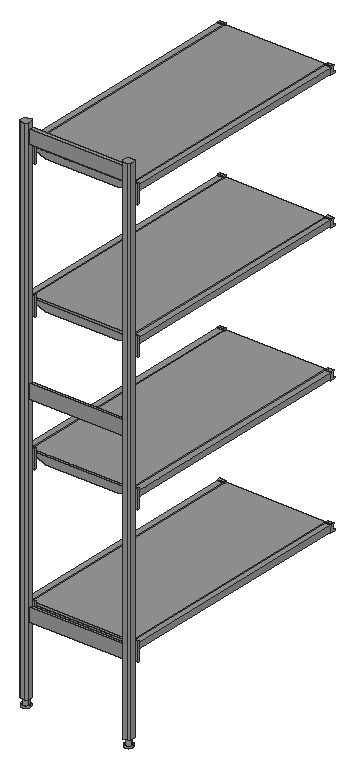
Revit family "QF_ZANUSSI_137051_ACS830", category Attrezzature speciali, Revit 2020
Family settings
  Quota connettore circolare = Usa diametro
  Tipo di parte = Normale
  Basato su piano di lavoro = No
  Sempre verticale = Sì
  Taglio con vuoti quando caricato = No
  Condiviso = No
  Punto di calcolo locali = No
Parameters (values of type "Standard")
  Weight = 14.00 kg
  Watts = 0 W
  Volts = 0 V
  URL Manufacturer = "http://www.zanussiprofessional.com"
  URL = "http://www.zanussiprofessional.com"
  Steam Supply Size = 0 mm
  Steam Supply Minimum Pressure = 0.0 Pa
  Steam Supply Maximum Pressure = 0.0 Pa
  Steam Consumption per Hour = 0
  Refrigeration Suction Line Size = 0.0 mm
  Refrigeration Liquid Line Size = 0.0 mm
  Refrigerant Compressor Remote = yes
  Prospetto di default = 0.0 mm
  Phase = 0
  Modello = "ACS830"
  Produttore = "Zanussi"
  Length Actual = 834.0 mm  # constant formula
  Item Number = "137051"
  Hot Water Size = 0 mm
  Height Actual = 1700.0 mm  # constant formula
  HP = "0 HP"
  Gas Size = 0 mm
  Gas KW = 0
  Gas Input Pressure = 0 W
  Direct Waste Size = 0 mm
  Descrizione = "ALUM.CORNER SHELV.-POLY.TIERS-373X834MM"
  Depth Actual = 373.0 mm  # constant formula
  Cycle = 0 Hz
  Condensate Return Size = 0 mm
  Compressed Air Volume = 0.0 L/s
  Compressed Air Size = 0 mm
  Compressed Air Pressure = 0.0 Pa
  Cold Water Size = 0 mm
  Accessory = yes
Reference planes
  plane 1: z = 0
  plane 2 "Center (F/B)": y = -163.5
  plane 3 "Front": y = -549.5
  plane 4 "Left": x = -217.5
  plane 5 "Right": x = 155.5
  plane 6 "TOP": z = 1700
  plane 7: y = -517.5
  plane 8: y = 280.5
  plane 9 "Center (Left/Right)": x = -31
  plane 10: y = 275.5
  plane 11: x = -186
  plane 12: x = 124
  plane 13 "FEET": z = 25
  plane 14: z = 275
  plane 15: z = 725
  plane 16: z = 1175
  plane 17: z = 1625
  plane 18 "CXLeft": y = -535.5
  plane 19: x = -200
  plane 20 "CYBack": x = -200
  plane 21 "CYFront": x = 138
  plane 22 "Back": y = 284.5
  plane 23 "LEFT_ORIGIN": x = -251.5
  plane 24 "BACK_Origin": y = 657.5
Forms (mm)
  Extrusion 1, solid, material "QF_Aluminum"
    sketch origin (0, -549.5, 0) x (-1, 0, 0) y (0, 0, 1)
      loop
        line (198.5, 1650.994) -> (198.5, 1632.998) -> (217.5, 1632.998) -> (217.5, 1650.994) -> (198.5, 1650.994)
      loop
        line (-136.5, 1650.994) -> (-155.5, 1650.994) -> (-155.5, 1632.998) -> (-136.5, 1632.998) -> (-136.5, 1650.994)
      loop
        line (198.5, 1200.994) -> (198.5, 1182.998) -> (217.5, 1182.998) -> (217.5, 1200.994) -> (198.5, 1200.994)
      loop
        line (-136.5, 1200.994) -> (-155.5, 1200.994) -> (-155.5, 1182.998) -> (-136.5, 1182.998) -> (-136.5, 1200.994)
      loop
        line (198.5, 750.994) -> (198.5, 732.998) -> (217.5, 732.998) -> (217.5, 750.994) -> (198.5, 750.994)
      loop
        line (-136.5, 750.994) -> (-155.5, 750.994) -> (-155.5, 732.998) -> (-136.5, 732.998) -> (-136.5, 750.994)
      loop
        line (198.5, 300.994) -> (198.5, 282.998) -> (217.5, 282.998) -> (217.5, 300.994) -> (198.5, 300.994)
      loop
        line (-136.5, 300.994) -> (-155.5, 300.994) -> (-155.5, 282.998) -> (-136.5, 282.998) -> (-136.5, 300.994)
    from 32 to 830
  Extrusion 2, solid, material "QF_Polyethylene"
    sketch origin (0, -549.5, 0) x (-1, 0, 0) y (0, 0, 1)
      loop
        line (196.507, 1650.994) -> (-134.5, 1650.994) -> (-134.5, 1644.496) -> (196.507, 1644.496) -> (196.507, 1650.994)
      loop
        line (196.507, 1200.994) -> (-134.5, 1200.994) -> (-134.5, 1194.496) -> (196.507, 1194.496) -> (196.507, 1200.994)
      loop
        line (196.507, 750.994) -> (-134.5, 750.994) -> (-134.5, 744.496) -> (196.507, 744.496) -> (196.507, 750.994)
      loop
        line (196.507, 300.994) -> (-134.5, 300.994) -> (-134.5, 294.496) -> (196.507, 294.496) -> (196.507, 300.994)
    from 32 to 830
Lines and regions (mm)
  symbolic lines
    curve 1: line (-198.5, 280.5, 1700) -> (-198.5, -517.5, 1700)
    curve 2: line (-217.5, -521.5, 1700) -> (-217.5, 280.5, 1700)
    curve 3: line (155.5, -521.5, 1700) -> (155.5, 280.5, 1700)
    curve 4: line (-181.507, -517.5, 1700) -> (119.507, -517.5, 1700)
    curve 5: line (136.5, -517.5, 1700) -> (136.5, 280.5, 1700)
    curve 6: line (-198.5, 280.5, 1700) -> (136.5, 280.5, 1700)
Dimensions and locks
  plane 3 "Front" to plane 2 "Center (F/B)" = 386.0 mm
  locked: plane 6 "TOP" to level at 1700
  locked: plane 4 "Left" to plane 5 "Right" at 373
  locked: plane 7 to plane 8 at 798
  locked: plane 3 "Front" to plane 7 at 32
  plane 10 to plane 8 = 5.0 mm
  locked: plane 11 to plane 12 at 310
  equal spacing: plane 11, plane 9 "Center (Left/Right)", plane 12
  equal spacing: plane 4 "Left", plane 9 "Center (Left/Right)", plane 5 "Right"
  plane 13 "FEET" to level = 25.0 mm
  plane 6 "TOP" to plane 13 "FEET" = 1675.0 mm
  plane 14 to plane 13 "FEET" = 250.0 mm
  plane 15 to plane 14 = 450.0 mm
  plane 16 to plane 15 = 450.0 mm
  plane 17 to plane 16 = 450.0 mm
  locked: plane 3 "Front" to plane 18 "CXLeft" at 14
  locked: plane 3 "Front" to plane 22 "Back" at 834
  plane 23 "LEFT_ORIGIN" to plane 5 "Right" = 407.0 mm
  locked: plane 22 "Back" to plane 24 "BACK_Origin" at 373
  aligned and locked: level to plane 1
  aligned and locked: Extrusion 2 to plane 7
  aligned and locked: plane 8 to Extrusion 2
  aligned and locked: Extrusion 1 to plane 7
  aligned and locked: plane 8 to Extrusion 1
  aligned and locked: Extrusion 1 sketch curve to Extrusion 1 sketch curve  (x2)
  aligned and locked: nested 1 to plane 18 "CXLeft"
  aligned and locked: nested 2 to plane 10
Automatic sketch dimensions
  curve 2 to plane 4 "Left" = 0.0 mm
  curve 3 to plane 5 "Right" = 0.0 mm
  plane 7 to curve 1 = 0.0 mm
  plane 7 to curve 4 = 0.0 mm
  plane 7 to curve 5 = 0.0 mm
  plane 8 to curve 2 = 0.0 mm
  plane 8 to curve 1 = 0.0 mm
  plane 8 to curve 3 = 0.0 mm
  plane 21 "CYFront" to curve 5 = 1.5 mm
  plane 19 to curve 6 = 1.5 mm
  plane 7 to curve 3 = 4.0 mm
  plane 7 to curve 2 = 4.0 mm
  plane 12 to curve 4 = 4.493 mm
  curve 4 to plane 11 = 4.493 mm
  plane 5 "Right" to Extrusion 1 sketch curve = 0.0 mm  (x4)
  plane 4 "Left" to Extrusion 1 sketch curve = 0.0 mm  (x4)
  plane 21 "CYFront" to Extrusion 1 sketch curve = 1.5 mm  (x2)
  plane 19 to Extrusion 1 sketch curve = 1.5 mm  (x4)
  plane 14 to Extrusion 1 sketch curve = 7.998 mm  (x2)
  Extrusion 1 sketch curve to Extrusion 1 sketch curve = 17.997 mm  (x8)
  plane 15 to Extrusion 1 sketch curve = 7.998 mm  (x2)
  plane 16 to Extrusion 1 sketch curve = 7.998 mm  (x2)
  plane 17 to Extrusion 1 sketch curve = 7.998 mm  (x2)
  plane 21 "CYFront" to Extrusion 2 sketch curve = 3.5 mm  (x4)
  plane 19 to Extrusion 2 sketch curve = 3.493 mm  (x4)
  plane 14 to Extrusion 2 sketch curve = 19.496 mm
  Extrusion 2 sketch curve to Extrusion 2 sketch curve = 6.499 mm  (x4)
  plane 15 to Extrusion 2 sketch curve = 19.496 mm
  plane 16 to Extrusion 2 sketch curve = 19.496 mm
  plane 17 to Extrusion 2 sketch curve = 19.496 mm
Nested families
  nested 1: "WT_Anta373" at (-194.5, -132.5, 0) x (0, 1, 0) z (0, 0, 1), type "WT_Anta373"
  nested 2: "WT_Aggancio373" at (-194.5, 692.5, 0) x (0, 1, 0) z (0, 0, 1), type "WT_Aggancio373"
Definition of nested family "WT_Anta373"
  Parameters
    WidthLeft = A + 64.0 mm  # 772.0 mm
    Width = 1606.0 mm
    Right = WidthLeft / 2  # 386.0 mm
    Default Elevation = 0.0 mm
    Left = -WidthLeft / 2  # -386.0 mm
    Height = 1725.0 mm
    FEET = 25.0 mm
    E = 0.0 mm
    Dint = Depth - 63.0 mm  # 310.0 mm
    Dext = Depth - 8.0 mm  # 365.0 mm
    Depth = 373.0 mm
    DX = (WidthLeft - A) / 2  # 32.0 mm
    B = 798.0 mm
    A = 708.0 mm
  Reference planes
    plane 1: z = 0
    plane 2 "LEFT": x = -417
    plane 3 "BACK": y = 23
    plane 4 "FRONT": y = -350
    plane 5 "TOP": z = 1725
    plane 6 "Center (Front/Back)": y = -163.5
    plane 7: y = -8.5
    plane 8: y = -318.5
    plane 9 "FEET": z = 25
    plane 10: z = 275
    plane 11: z = 725
    plane 12: z = 1175
    plane 13: z = 1625
    plane 14 "CXLeft": x = -403
    plane 15: y = 5.5
    plane 16 "CYBack": y = 5.5
    plane 17 "CYFront": y = -332.5
    plane 18: x = -385.031
    plane 19: x = -380.031
  Forms (mm)
    Extrusion 1, solid
      sketch origin (0, 0, 0) x (1, 0, 0) y (0, 1, 0)
        loop
          line (-417, 13.246) -> (-417, -2.246) -> (-410.746, -8.5) -> (-395.254, -8.5) -> (-389, -2.246) -> (-389, 13.246) -> (-395.254, 19.5) -> (-410.746, 19.5) -> (-417, 13.246)
      from 1725 to 25
    Extrusion 2, solid
      sketch origin (-417, 0, 0) x (0, 1, 0) y (0, 0, 1)
        loop
          line (23, 246.005) -> (23, 307.993) -> (-12.993, 307.993) -> (-12.993, 246.005) -> (23, 246.005)
        loop
          line (-350, 246.005) -> (-314.007, 246.005) -> (-314.007, 307.993) -> (-350, 307.993) -> (-350, 246.005)
        loop
          line (23, 696.005) -> (23, 757.993) -> (-12.993, 757.993) -> (-12.993, 696.005) -> (23, 696.005)
        loop
          line (-350, 696.005) -> (-314.007, 696.005) -> (-314.007, 757.993) -> (-350, 757.993) -> (-350, 696.005)
        loop
          line (23, 1146.005) -> (23, 1207.993) -> (-12.993, 1207.993) -> (-12.993, 1146.005) -> (23, 1146.005)
        loop
          line (-350, 1146.005) -> (-314.007, 1146.005) -> (-314.007, 1207.993) -> (-350, 1207.993) -> (-350, 1146.005)
        loop
          line (23, 1596.005) -> (23, 1657.993) -> (-12.993, 1657.993) -> (-12.993, 1596.005) -> (23, 1596.005)
        loop
          line (-350, 1596.005) -> (-314.007, 1596.005) -> (-314.007, 1657.993) -> (-350, 1657.993) -> (-350, 1596.005)
      from 28 to 32
    Revolve 3, solid
      sketch origin (-403, 0, 0) x (0, 1, 0) y (0, 0, 1)
        loop
          line (5.5, 25) -> (5.5, 0) -> (19, 0) -> (19, 5) -> (14, 5) -> (14, 25) -> (5.5, 25)
        axis (5.5, 25) -> (5.5, 0)
      angle from 0 to 360
    Extrusion 4, solid
      sketch origin (-403, 0, 0) x (0, 1, 0) y (0, 0, 1)
        loop
          line (-8.5, 912.382) -> (-8.5, 957.374) -> (-318.5, 957.374) -> (-318.5, 912.382) -> (-8.5, 912.382)
        loop
          line (-8.5, 1662.244) -> (-8.5, 1707.236) -> (-318.5, 1707.236) -> (-318.5, 1662.244) -> (-8.5, 1662.244)
      from -5 to 5
    Revolve 5, solid
      sketch origin (-403, -627, 0) x (0, -1, 0) y (0, 0, 1)
        loop
          line (-294.5, 25) -> (-294.5, 0) -> (-281, 0) -> (-281, 5) -> (-286, 5) -> (-286, 25) -> (-294.5, 25)
        axis (-294.5, 25) -> (-294.5, 0)
      angle from 0 to 360
    Extrusion 6, solid
      sketch origin (0, -627, 0) x (1, 0, 0) y (0, 1, 0)
        loop
          line (-417, 286.754) -> (-410.746, 280.5) -> (-395.254, 280.5) -> (-389, 286.754) -> (-389, 302.246) -> (-395.254, 308.5) -> (-410.746, 308.5) -> (-417, 302.246) -> (-417, 286.754)
      from 1725 to 25
    Extrusion 7, solid
      sketch origin (-417.031, -0.022, 0) x (0, 1, 0) y (0, 0, -1)
        loop
          line (-12, -1632.998) -> (-46, -1620.994) -> (-281, -1620.994) -> (-315, -1632.998) -> (-331, -1632.998) -> (-331, -1650.994) -> (-329, -1650.994) -> (-329, -1644.496) -> (2.007, -1644.496) -> (2.007, -1650.994) -> (4, -1650.994) -> (4, -1632.998) -> (-12, -1632.998)
        loop
          line (-12, -1182.998) -> (-46, -1170.994) -> (-281, -1170.994) -> (-315, -1182.998) -> (-331, -1182.998) -> (-331, -1200.994) -> (-329, -1200.994) -> (-329, -1194.496) -> (2.007, -1194.496) -> (2.007, -1200.994) -> (4, -1200.994) -> (4, -1182.998) -> (-12, -1182.998)
        loop
          line (-12, -732.998) -> (-46, -720.994) -> (-281, -720.994) -> (-315, -732.998) -> (-331, -732.998) -> (-331, -750.994) -> (-329, -750.994) -> (-329, -744.496) -> (2.007, -744.496) -> (2.007, -750.994) -> (4, -750.994) -> (4, -732.998) -> (-12, -732.998)
        loop
          line (-12, -282.998) -> (-46, -270.994) -> (-281, -270.994) -> (-315, -282.998) -> (-331, -282.998) -> (-331, -300.994) -> (-329, -300.994) -> (-329, -294.496) -> (2.007, -294.496) -> (2.007, -300.994) -> (4, -300.994) -> (4, -282.998) -> (-12, -282.998)
      from -32 to -37
    Extrusion 8, solid
      sketch origin (-403, 0, -659.878) x (0, 1, 0) y (0, 0, 1)
        loop
          line (-8.5, 912.382) -> (-8.5, 957.374) -> (-318.5, 957.374) -> (-318.5, 912.382) -> (-8.5, 912.382)
        loop
          line (-8.5, 1572.382) -> (-8.5, 1617.374) -> (-318.5, 1617.374) -> (-318.5, 1572.382) -> (-8.5, 1572.382)
        loop
          line (-8.5, 2322.382) -> (-8.5, 2367.374) -> (-318.5, 2367.374) -> (-318.5, 2322.382) -> (-8.5, 2322.382)
      from -5 to 5
  Lines and regions (mm)
    symbolic lines
      curve 1: line (-408, -8.5, 1725) -> (-408, -318.5, 1725)
      curve 2: line (-398, -318.5, 1725) -> (-398, -8.5, 1725)
      curve 3: line (-395.254, -8.5, 1725) -> (-410.746, -8.5, 1725)
      curve 4: line (-417, -2.246, 1725) -> (-410.746, -8.5, 1725)
      curve 5: line (-417, 13.246, 1725) -> (-417, -2.246, 1725)
      curve 6: line (-410.746, 19.5, 1725) -> (-417, 13.246, 1725)
      curve 7: line (-395.254, 19.5, 1725) -> (-410.746, 19.5, 1725)
      curve 8: line (-389, 13.246, 1725) -> (-395.254, 19.5, 1725)
      curve 9: line (-395.254, -8.5, 1725) -> (-389, -2.246, 1725)
      curve 10: line (-395.254, -318.5, 1725) -> (-410.746, -318.5, 1725)
      curve 11: line (-417, -324.754, 1725) -> (-410.746, -318.5, 1725)
      curve 12: line (-410.746, -346.5, 1725) -> (-417, -340.246, 1725)
      curve 13: line (-395.254, -346.5, 1725) -> (-410.746, -346.5, 1725)
      curve 14: line (-389, -340.246, 1725) -> (-395.254, -346.5, 1725)
      curve 15: line (-395.254, -318.5, 1725) -> (-389, -324.754, 1725)
      curve 16: line (-389, -350, 1725) -> (-389, -314.007, 1725)
      curve 17: line (-389, -314.007, 1725) -> (-385, -314.007, 1725)
      curve 18: line (-389, 23, 1725) -> (-389, -12.993, 1725)
      curve 19: line (-389, -12.993, 1725) -> (-385, -12.993, 1725)
      curve 20: line (-417, -324.754, 1725) -> (-417, -340.246, 1725)
      curve 21: line (-385, -350, 1725) -> (-385, -314.007, 1725)
      curve 22: line (-385, -350, 1725) -> (-389, -350, 1725)
      curve 23: line (-385, 23, 1725) -> (-389, 23, 1725)
      curve 24: line (-385, -12.993, 1725) -> (-385, 23, 1725)
      curve 25: line (-385.031, -13.016, 1725) -> (-385.031, -314.029, 1725)
  Dimensions and locks
    "Height": plane 5 "TOP" to level
    "Depth": plane 3 "BACK" to plane 4 "FRONT"
    "Dint": plane 7 to plane 8
    equal spacing: plane 7, plane 6 "Center (Front/Back)", plane 8
    equal spacing: plane 3 "BACK", plane 6 "Center (Front/Back)", plane 4 "FRONT"
    plane 9 "FEET" to level = 25.0 mm
    plane 5 "TOP" to plane 9 "FEET" = 1700.0 mm
    plane 10 to plane 9 "FEET" = 250.0 mm
    plane 11 to plane 10 = 450.0 mm
    plane 12 to plane 11 = 450.0 mm
    plane 13 to plane 12 = 450.0 mm
    locked: plane 2 "LEFT" to plane 14 "CXLeft" at 14
    locked: plane 3 "BACK" to plane 16 "CYBack" at 17.5
    locked: plane 17 "CYFront" to plane 4 "FRONT" at 17.5
    locked: Revolve 3 sketch curve to Revolve 3 sketch curve at 8.5
    locked: Revolve 3 sketch curve to plane 16 "CYBack" at 13.5
    locked: Revolve 5 sketch curve to Revolve 5 sketch curve at 8.5
    aligned and locked: level to plane 1
    aligned and locked: curve 20 to Extrusion 6
    aligned and locked: plane 5 "TOP" to Extrusion 1
    aligned and locked: plane 5 "TOP" to Extrusion 6
    aligned and locked: Extrusion 7 sketch curve to Extrusion 7 sketch curve  (x3)
  Automatic sketch dimensions
    curve 16 to plane 4 "FRONT" = 0.0 mm
    curve 11 to plane 8 = 0.0 mm
    curve 9 to plane 7 = 0.0 mm
    curve 5 to plane 2 "LEFT" = 0.0 mm
    curve 23 to plane 3 "BACK" = 0.0 mm
    plane 4 "FRONT" to curve 13 = 3.5 mm
    curve 20 to plane 17 "CYFront" = 7.746 mm
    curve 20 to plane 8 = 6.254 mm
    plane 8 to curve 16 = 4.493 mm
    curve 24 to plane 18 = 0.031 mm
    curve 24 to plane 7 = 4.493 mm
    plane 7 to curve 5 = 6.254 mm
    curve 5 to plane 15 = 7.746 mm
    curve 6 to plane 3 "BACK" = 3.5 mm
    curve 21 to plane 18 = 0.031 mm
    plane 18 to curve 23 = 3.969 mm
    plane 18 to curve 16 = 3.969 mm
    curve 18 to curve 8 = 6.254 mm
    curve 18 to curve 3 = 6.254 mm
    curve 16 to curve 13 = 6.254 mm
    curve 16 to curve 15 = 6.254 mm
    plane 2 "LEFT" to curve 10 = 6.254 mm
    plane 2 "LEFT" to curve 7 = 6.254 mm
    plane 2 "LEFT" to curve 12 = 6.254 mm
    plane 2 "LEFT" to curve 3 = 6.254 mm
    curve 14 to plane 17 "CYFront" = 7.746 mm
    curve 15 to plane 8 = 6.254 mm
    plane 7 to curve 9 = 6.254 mm
    curve 8 to plane 15 = 7.746 mm
    curve 3 to curve 2 = 2.746 mm
    curve 1 to curve 10 = 2.746 mm
    Extrusion 1 sketch curve to plane 2 "LEFT" = 0.0 mm
    Extrusion 1 sketch curve to plane 7 = 0.0 mm
    plane 2 "LEFT" to Extrusion 1 sketch curve = 6.254 mm  (x2)
    plane 14 "CXLeft" to Extrusion 1 sketch curve = 7.746 mm  (x2)
    Extrusion 1 sketch curve to plane 3 "BACK" = 3.5 mm
    plane 18 to Extrusion 1 sketch curve = 3.969 mm
    plane 7 to Extrusion 1 sketch curve = 6.254 mm  (x2)
    Extrusion 1 sketch curve to plane 15 = 7.746 mm  (x2)
    Extrusion 2 sketch curve to plane 4 "FRONT" = 0.0 mm  (x4)
    Extrusion 2 sketch curve to plane 3 "BACK" = 0.0 mm  (x4)
    plane 8 to Extrusion 2 sketch curve = 4.493 mm  (x4)
    Extrusion 2 sketch curve to plane 7 = 4.493 mm  (x4)
    Extrusion 2 sketch curve to plane 10 = 28.995 mm  (x2)
    plane 10 to Extrusion 2 sketch curve = 32.993 mm  (x2)
    Extrusion 2 sketch curve to plane 11 = 28.995 mm  (x2)
    plane 11 to Extrusion 2 sketch curve = 32.993 mm  (x2)
    Extrusion 2 sketch curve to plane 12 = 28.995 mm  (x2)
    plane 12 to Extrusion 2 sketch curve = 32.993 mm  (x2)
    Extrusion 2 sketch curve to plane 13 = 28.995 mm  (x2)
    plane 13 to Extrusion 2 sketch curve = 32.993 mm  (x2)
    Revolve 3 sketch curve to plane 9 "FEET" = 0.0 mm  (x2)
    Revolve 3 sketch curve to plane 15 = 0.0 mm  (x2)
    Revolve 3 sketch curve to level = 0.0 mm
    level to Revolve 3 sketch curve = 5.0 mm
    Revolve 3 sketch curve to Revolve 3 sketch curve = 11.655 mm
    Extrusion 4 sketch curve to plane 8 = 0.0 mm  (x2)
    Extrusion 4 sketch curve to plane 7 = 0.0 mm  (x2)
    plane 11 to Extrusion 4 sketch curve = 187.382 mm
    Extrusion 4 sketch curve to Extrusion 4 sketch curve = 44.992 mm
    plane 13 to Extrusion 4 sketch curve = 37.244 mm
    Extrusion 4 sketch curve to plane 5 "TOP" = 17.764 mm
    Revolve 5 sketch curve to plane 9 "FEET" = 0.0 mm  (x2)
    Revolve 5 sketch curve to plane 17 "CYFront" = 0.0 mm  (x2)
    Revolve 5 sketch curve to level = 0.0 mm
    Revolve 5 sketch curve to plane 4 "FRONT" = 4.0 mm
    Revolve 5 sketch curve to Revolve 5 sketch curve = 5.0 mm
    level to Revolve 5 sketch curve = 11.655 mm
    Extrusion 6 sketch curve to plane 2 "LEFT" = 0.0 mm
    Extrusion 6 sketch curve to plane 8 = 0.0 mm
    Extrusion 6 sketch curve to plane 2 "LEFT" = 6.254 mm  (x2)
    Extrusion 6 sketch curve to plane 14 "CXLeft" = 7.746 mm  (x2)
    Extrusion 6 sketch curve to plane 4 "FRONT" = 3.5 mm
    Extrusion 6 sketch curve to plane 18 = 3.969 mm
    plane 8 to Extrusion 6 sketch curve = 6.254 mm  (x2)
    plane 17 "CYFront" to Extrusion 6 sketch curve = 7.746 mm  (x2)
    plane 17 "CYFront" to Extrusion 7 sketch curve = 1.478 mm  (x4)
    Extrusion 7 sketch curve to Extrusion 7 sketch curve = 2.0 mm
    plane 8 to Extrusion 7 sketch curve = 3.478 mm  (x4)
    Extrusion 7 sketch curve to plane 10 = 4.006 mm
    Extrusion 7 sketch curve to Extrusion 7 sketch curve = 34.0 mm  (x4)
    Extrusion 7 sketch curve to plane 11 = 4.006 mm
    Extrusion 7 sketch curve to plane 12 = 4.006 mm
    Extrusion 7 sketch curve to plane 13 = 4.006 mm
    Extrusion 7 sketch curve to plane 7 = 37.522 mm  (x4)
    Extrusion 7 sketch curve to plane 7 = 3.522 mm  (x4)
    plane 15 to Extrusion 7 sketch curve = 3.516 mm  (x4)
    plane 15 to Extrusion 7 sketch curve = 1.522 mm  (x4)
    plane 13 to Extrusion 7 sketch curve = 7.998 mm  (x2)
    Extrusion 7 sketch curve to Extrusion 7 sketch curve = 11.498 mm
    Extrusion 7 sketch curve to Extrusion 7 sketch curve = 6.499 mm  (x5)
    plane 12 to Extrusion 7 sketch curve = 25.994 mm  (x2)
    plane 12 to Extrusion 7 sketch curve = 7.998 mm  (x2)
    plane 11 to Extrusion 7 sketch curve = 25.994 mm  (x2)
    plane 11 to Extrusion 7 sketch curve = 7.998 mm  (x2)
    plane 10 to Extrusion 7 sketch curve = 25.994 mm  (x2)
    plane 10 to Extrusion 7 sketch curve = 7.998 mm  (x2)
    curve 25 to plane 18 = 0.0 mm
    plane 8 to curve 25 = 4.471 mm
    curve 25 to plane 7 = 4.516 mm
    Extrusion 8 sketch curve to plane 8 = 0.0 mm  (x3)
    Extrusion 8 sketch curve to plane 7 = 0.0 mm  (x3)
    Extrusion 8 sketch curve to plane 10 = 22.496 mm
    plane 10 to Extrusion 8 sketch curve = 22.496 mm
    plane 11 to Extrusion 8 sketch curve = 187.504 mm
    Extrusion 8 sketch curve to Extrusion 8 sketch curve = 44.992 mm
    plane 13 to Extrusion 8 sketch curve = 37.504 mm
    Extrusion 8 sketch curve to plane 5 "TOP" = 17.504 mm
Definition of nested family "WT_Aggancio373"
  Parameters
    WidthLeft = A + 64.0 mm  # 772.0 mm
    Width = 1606.0 mm
    Right = WidthLeft / 2  # 386.0 mm
    Default Elevation = 0.0 mm
    Left = -WidthLeft / 2  # -386.0 mm
    Height = 1725.0 mm
    FEET = 25.0 mm
    E = 0.0 mm
    Dint = Depth - 63.0 mm  # 310.0 mm
    Dext = Depth - 8.0 mm  # 365.0 mm
    Depth = 373.0 mm
    DX = (WidthLeft - A) / 2  # 32.0 mm
    B = 798.0 mm
    A = 708.0 mm
  Reference planes
    plane 1: z = 0
    plane 2 "LEFT": x = -417
    plane 3 "BACK": y = 23
    plane 4 "FRONT": y = -350
    plane 5 "TOP": z = 1725
    plane 6 "Center (Front/Back)": y = -163.5
    plane 7: y = -8.5
    plane 8: y = -318.5
    plane 9 "FEET": z = 25
    plane 10: z = 275
    plane 11: z = 725
    plane 12: z = 1175
    plane 13: z = 1625
    plane 14: y = 5.5
    plane 15 "CYBack": y = 5.5
    plane 16 "CYFront": y = -332.5
  Forms (mm)
    Extrusion 1, solid
      sketch origin (-380, -0.022, 0) x (0, 1, 0) y (0, 0, 1)
        loop
          line (-12, 1632.998) -> (4, 1632.998) -> (4, 1650.994) -> (2.007, 1650.994) -> (2.007, 1644.496) -> (-329, 1644.496) -> (-329, 1650.994) -> (-331, 1650.994) -> (-331, 1632.998) -> (-315, 1632.998) -> (-281, 1620.994) -> (-46, 1620.994) -> (-12, 1632.998)
        loop
          line (-12, 1182.998) -> (4, 1182.998) -> (4, 1200.994) -> (2.007, 1200.994) -> (2.007, 1194.496) -> (-329, 1194.496) -> (-329, 1200.994) -> (-331, 1200.994) -> (-331, 1182.998) -> (-315, 1182.998) -> (-281, 1170.994) -> (-46, 1170.994) -> (-12, 1182.998)
        loop
          line (-12, 732.998) -> (4, 732.998) -> (4, 750.994) -> (2.007, 750.994) -> (2.007, 744.496) -> (-329, 744.496) -> (-329, 750.994) -> (-331, 750.994) -> (-331, 732.998) -> (-315, 732.998) -> (-281, 720.994) -> (-46, 720.994) -> (-12, 732.998)
        loop
          line (-12, 282.998) -> (4, 282.998) -> (4, 300.994) -> (2.007, 300.994) -> (2.007, 294.496) -> (-329, 294.496) -> (-329, 300.994) -> (-331, 300.994) -> (-331, 282.998) -> (-315, 282.998) -> (-281, 270.994) -> (-46, 270.994) -> (-12, 282.998)
      from -32 to -37
    Extrusion 2, solid
      sketch origin (-793.062, -324.754, 6.5) x (1, 0, 0) y (0, 0, 1)
        loop
          line (385.062, 1644.496) -> (385.062, 1647.496) -> (376.062, 1647.496) -> (376.062, 1620.994) -> (390.031, 1620.994) -> (390.031, 1626.496) -> (381.062, 1626.496) -> (381.062, 1644.496) -> (385.062, 1644.496)
        loop
          line (385.062, 1194.496) -> (385.062, 1197.496) -> (376.062, 1197.496) -> (376.062, 1170.994) -> (390.031, 1170.994) -> (390.031, 1176.496) -> (381.062, 1176.496) -> (381.062, 1194.496) -> (385.062, 1194.496)
        loop
          line (385.062, 744.496) -> (385.062, 747.496) -> (376.062, 747.496) -> (376.062, 720.994) -> (390.031, 720.994) -> (390.031, 726.496) -> (381.062, 726.496) -> (381.062, 744.496) -> (385.062, 744.496)
        loop
          line (385.062, 294.496) -> (385.062, 297.496) -> (376.062, 297.496) -> (376.062, 270.994) -> (390.031, 270.994) -> (390.031, 276.496) -> (381.062, 276.496) -> (381.062, 294.496) -> (385.062, 294.496)
      from 6.268 to 25.246
    Extrusion 3, solid
      sketch origin (-793.062, 32.754, 6.5) x (1, 0, 0) y (0, 0, 1)
        loop
          line (385.062, 1644.496) -> (385.062, 1647.496) -> (376.062, 1647.496) -> (376.062, 1620.994) -> (390.031, 1620.994) -> (390.031, 1626.496) -> (381.062, 1626.496) -> (381.062, 1644.496) -> (385.062, 1644.496)
        loop
          line (385.062, 1194.496) -> (385.062, 1197.496) -> (376.062, 1197.496) -> (376.062, 1170.994) -> (390.031, 1170.994) -> (390.031, 1176.496) -> (381.062, 1176.496) -> (381.062, 1194.496) -> (385.062, 1194.496)
        loop
          line (385.062, 744.496) -> (385.062, 747.496) -> (376.062, 747.496) -> (376.062, 720.994) -> (390.031, 720.994) -> (390.031, 726.496) -> (381.062, 726.496) -> (381.062, 744.496) -> (385.062, 744.496)
        loop
          line (385.062, 294.496) -> (385.062, 297.496) -> (376.062, 297.496) -> (376.062, 270.994) -> (390.031, 270.994) -> (390.031, 276.496) -> (381.062, 276.496) -> (381.062, 294.496) -> (385.062, 294.496)
      from 9.754 to 28.776
  Lines and regions (mm)
    symbolic lines
      curve 1: line (-412, -350, 0) -> (-408, -350, 0)
      curve 2: line (-412, -331.022, 0) -> (-412, -350, 0)
      curve 3: line (-408, -331.022, 0) -> (-412, -331.022, 0)
      curve 4: line (-408, -350, 0) -> (-408, -331.022, 0)
      curve 5: line (-412, 3.978, 0) -> (-408, 3.978, 0)
      curve 6: line (-412, 23, 0) -> (-412, 3.978, 0)
      curve 7: line (-408, 23, 0) -> (-412, 23, 0)
      curve 8: line (-408, 3.978, 0) -> (-408, 23, 0)
  Dimensions and locks
    "Height": plane 5 "TOP" to level
    "Depth": plane 3 "BACK" to plane 4 "FRONT"
    "Dint": plane 7 to plane 8
    equal spacing: plane 7, plane 6 "Center (Front/Back)", plane 8
    equal spacing: plane 3 "BACK", plane 6 "Center (Front/Back)", plane 4 "FRONT"
    plane 9 "FEET" to level = 25.0 mm
    plane 5 "TOP" to plane 9 "FEET" = 1700.0 mm
    plane 10 to plane 9 "FEET" = 250.0 mm
    plane 11 to plane 10 = 450.0 mm
    plane 12 to plane 11 = 450.0 mm
    plane 13 to plane 12 = 450.0 mm
    locked: plane 3 "BACK" to plane 15 "CYBack" at 17.5
    locked: plane 16 "CYFront" to plane 4 "FRONT" at 17.5
    aligned and locked: level to plane 1
    aligned and locked: Extrusion 1 sketch curve to Extrusion 1 sketch curve  (x3)
  Automatic sketch dimensions
    plane 16 "CYFront" to Extrusion 1 sketch curve = 1.478 mm  (x4)
    Extrusion 1 sketch curve to Extrusion 1 sketch curve = 2.0 mm
    plane 8 to Extrusion 1 sketch curve = 3.478 mm  (x4)
    Extrusion 1 sketch curve to plane 10 = 4.006 mm
    Extrusion 1 sketch curve to Extrusion 1 sketch curve = 34.0 mm  (x4)
    Extrusion 1 sketch curve to plane 11 = 4.006 mm
    Extrusion 1 sketch curve to plane 12 = 4.006 mm
    Extrusion 1 sketch curve to plane 13 = 4.006 mm
    Extrusion 1 sketch curve to plane 7 = 37.522 mm  (x4)
    Extrusion 1 sketch curve to plane 7 = 3.522 mm  (x4)
    plane 14 to Extrusion 1 sketch curve = 3.516 mm  (x4)
    plane 14 to Extrusion 1 sketch curve = 1.522 mm  (x4)
    plane 10 to Extrusion 1 sketch curve = 7.998 mm  (x2)
    Extrusion 1 sketch curve to Extrusion 1 sketch curve = 11.498 mm  (x4)
    Extrusion 1 sketch curve to Extrusion 1 sketch curve = 6.499 mm  (x8)
    plane 11 to Extrusion 1 sketch curve = 7.998 mm  (x2)
    plane 12 to Extrusion 1 sketch curve = 7.998 mm  (x2)
    plane 13 to Extrusion 1 sketch curve = 7.998 mm  (x2)
    plane 2 "LEFT" to Extrusion 2 sketch curve = 0.0 mm  (x4)
    plane 13 to Extrusion 2 sketch curve = 7.996 mm
    plane 11 to Extrusion 2 sketch curve = 7.996 mm
    Extrusion 2 sketch curve to Extrusion 2 sketch curve = 5.0 mm  (x4)
    plane 11 to Extrusion 2 sketch curve = 2.494 mm
    plane 10 to Extrusion 2 sketch curve = 28.996 mm
    Extrusion 2 sketch curve to Extrusion 2 sketch curve = 3.0 mm  (x4)
    plane 10 to Extrusion 2 sketch curve = 7.996 mm
    plane 10 to Extrusion 2 sketch curve = 2.494 mm
    Extrusion 2 sketch curve to Extrusion 2 sketch curve = 18.0 mm  (x3)
    plane 12 to Extrusion 2 sketch curve = 2.494 mm
    plane 12 to Extrusion 2 sketch curve = 7.996 mm
    plane 13 to Extrusion 2 sketch curve = 2.494 mm
    plane 2 "LEFT" to Extrusion 3 sketch curve = 0.0 mm  (x4)
    plane 13 to Extrusion 3 sketch curve = 7.996 mm
    plane 11 to Extrusion 3 sketch curve = 7.996 mm
    Extrusion 3 sketch curve to Extrusion 3 sketch curve = 5.0 mm  (x4)
    plane 11 to Extrusion 3 sketch curve = 2.494 mm
    plane 10 to Extrusion 3 sketch curve = 28.996 mm
    Extrusion 3 sketch curve to Extrusion 3 sketch curve = 3.0 mm  (x4)
    plane 10 to Extrusion 3 sketch curve = 7.996 mm
    plane 10 to Extrusion 3 sketch curve = 2.494 mm
    Extrusion 3 sketch curve to Extrusion 3 sketch curve = 18.0 mm  (x3)
    plane 12 to Extrusion 3 sketch curve = 2.494 mm
    plane 12 to Extrusion 3 sketch curve = 7.996 mm
    plane 13 to Extrusion 3 sketch curve = 2.494 mm
    plane 2 "LEFT" to curve 1 = 5.0 mm
    plane 2 "LEFT" to curve 7 = 5.0 mm
    curve 1 to plane 16 "CYFront" = 17.5 mm
    curve 3 to plane 8 = 12.522 mm
    plane 7 to curve 5 = 12.478 mm
    curve 7 to plane 14 = 17.5 mm
    curve 5 to curve 5 = 4.0 mm
    curve 1 to curve 4 = 4.0 mm
    Extrusion 2 sketch curve to Extrusion 2 sketch curve = 4.0 mm  (x4)
    Extrusion 2 sketch curve to Extrusion 2 sketch curve = 8.969 mm  (x4)
    Extrusion 3 sketch curve to Extrusion 3 sketch curve = 4.0 mm  (x4)
    Extrusion 3 sketch curve to Extrusion 3 sketch curve = 8.969 mm  (x4)
